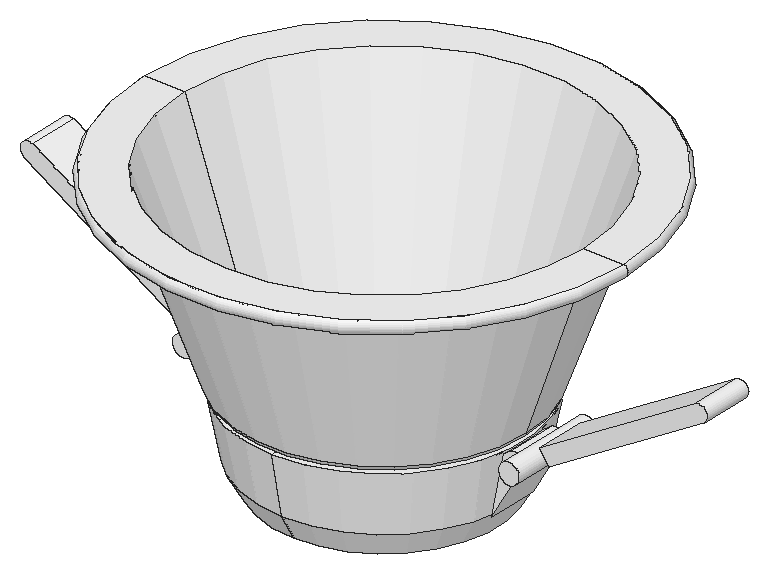
Revit family "Thorn Chalice 3 150", category Lighting Fixtures, host Face, Revit 2018
Family settings
  Host = Face
  Round Connector Dimension = Use Diameter
  Part Type = Normal
  Cut with Voids When Loaded = No
  Light Source = Yes
  Shared = No
  Room Calculation Point = No
Parameters (values of type "CHAL3 150 2000-840 HFIX RMB")
  Width = 172 mm
  Web Link to Docs = "http://www.thornlighting.com/en"
  Wattage Comments = ""
  Wattage = 20.6857 W
  Warrenty = ""
  built-in parameter 1150110 = 1 (stored number, unit not read)
  built-in parameter 1114217 = 1 (stored number, unit not read)
  Tilt Angle = -90.00°
  built-in parameter 1150109 = 1 (stored number, unit not read)
  built-in parameter 1150134 = 12
  built-in parameter 1150113 = 1 (stored number, unit not read)
  Supply Circuit Connections = ""
  Special Considerations = ""
  Spares List = "http://www.thornlighting.com/en/contact-us/offices"
  Sap Code = "92989222"
  Rating = "16.5"
  Power Factor = 0.93
  Placement Type = "Ceiling"
  Photometric Web File = "92989222_(STD).IES"
  Phase Ref = ""
  Omniclass / Uniclass = ""
  No of Sources = 1
  No of Lamps = 1
  Mounting Type = "Recessed"
  Mass = "0.69"
  Manufacturer = "Thorn Lighting"
  built-in parameter 1150105 = 172.84 (stored number, unit not read)
  Lumens = 2172 lm
  built-in parameter 1150115 = 1 (stored number, unit not read)
  built-in parameter 1150137 = (empty or 0)
  built-in parameter 1150139 = (empty or 0)
  Length = 172 mm
  Lamp Type = "LED"
  built-in parameter 1150112 = 1 (stored number, unit not read)
  Lamp Position = "std"
  built-in parameter 1150114 = 1 (stored number, unit not read)
  Lamp = "LED"
  built-in parameter 1150132 = 2
  built-in parameter 1150102 = (empty or 0)
  built-in parameter 1150107 = 4000 (stored number, unit not read)
  built-in parameter 1150138 = (empty or 0)
  built-in parameter 1150106 = 1.7284 (stored number, unit not read)
  IP Rating = "IP20 / IP54"
  IK Rating = "IK09"
  Hz = 50 Hz
  Height = 94 mm
  F Marking = ""
  Emit from Circle Diameter = 100 mm
  Emit Shape Visible in Rendering = no
  built-in parameter 1150104 = 9.7548 (stored number, unit not read)
  Earthing Class = "1"
  Earth Present = yes
  Dimming Lamp Color Temperature Shift = <None>
  Dim Details = "DALI2 standby power 0.2W"
  Default Elevation = 1219.2 mm
  Cost = 0
  Color Filter = 16777215
  Circuit Watts = 16.3 W
  CAD Model Ref Link = "http://www.thornlighting.com/en"
  Body [instance] = Zumtobel_Metal_White
  Batch Ref = ""
  Ballast Type = ""
  built-in parameter 1114218 = 1 (stored number, unit not read)
  built-in parameter 1150133 = 10 (stored number, unit not read)
  Assembly Place = ""
  Aquisition date = ""
  Apparent Load = Circuit Watts / Power Factor  # 17.5269 VA
Types (2, lengths in mm): name | Wattage | Sap Code | Rating | Photometric Web File | built-in parameter 1150105 | Lumens | built-in parameter 1150106 | Circuit Watts | Apparent Load
  CHAL3 150 2000-840 HFIX RMB | 20.6857 W | "92989222" | "16.5" | "92989222_(STD).IES" | 172.84 (stored number, unit not read) | 2172 lm | 1.7284 (stored number, unit not read) | 16.3 W | 17.5269 VA
  CHAL3 150 2000-840 HFIX RSB | 19.4286 W | "92989216" | "16.7" | "92989216_(STD).IES" | 2364.6 (stored number, unit not read) | 2040 lm | 23.646 (stored number, unit not read) | 16.7 W | 17.957 VA
Reference planes
  plane 1 "Centre (Front/Back)": y = 0
  plane 2: z = 0
  plane 3 "Centre (Left/Right)": x = 0
Forms (mm)
  Extrusion 1, void
    sketch origin (0, 0, 0) x (1, 0, 0) y (0, 1, 0)
      loop
        circle (0, 0) r 75
    from 5 to -100
  Revolve 2, solid, material "Zumtobel_Metal_White" <- "Body"
    sketch origin (0, 0, 0) x (1, 0, 0) y (0, 0, 1)
      loop
        line (-70.569, 4.582) -> (-84.846, 4.582)
        arc (-84.846, 4.582) -> (-86, 2.084) -> (-84.203, 0) r 2.541
        line (-84.203, 0) -> (-72.128, 0) -> (-50.528, -60.935)
        arc (-50.528, -60.935) -> (-49.054, -62.731) -> (-46.831, -63.406) r 4.003
        line (-46.831, -63.406) -> (-41.391, -63.406) -> (-41.391, -61.413) -> (-47.176, -61.413) -> (-70.569, 4.582)
      axis (0, 4.582) -> (0, -63.406)
    angle from 0 to 360
  Revolve 3, solid, material "Zumtobel_Metal_White" <- "Body"
    sketch origin (0, 0, 0) x (0, 1, 0) y (0, 0, 1)
      loop
        line (45.247, -85.408) -> (49.522, -63.837) -> (46.945, -63.837)
        arc (46.945, -63.837) -> (44.952, -74.137) -> (42.919, -84.43) r 2761.785
        line (42.919, -84.43) -> (38.641, -91.837) -> (0, -91.837) -> (0, -94.337) -> (40.092, -94.337) -> (45.247, -85.408)
      axis (0, -63.837) -> (0, -94.337)
    angle from 0 to 360
  Extrusion 4, solid, material "Zumtobel_Metal_White" <- "Body"
    sketch origin (0, 0, 0) x (1, 0, 0) y (0, 0, 1)
      loop
        line (-55.86, -67.025) -> (-45.247, -85.408) -> (-49.542, -63.821) -> (-52.376, -61.837) -> (-54.671, -61.837)
        arc (-54.671, -61.837) -> (-54.143, -64.688) -> (-55.86, -67.025) r 3.651
      loop
        arc (55.86, -67.025) -> (54.143, -64.688) -> (54.671, -61.837) r 3.651
        line (54.671, -61.837) -> (52.376, -61.837) -> (49.542, -63.821) -> (45.247, -85.408) -> (55.86, -67.025)
    from -9 to 9
  Extrusion 5, solid, material "Zumtobel_Metal_White" <- "Body"
    sketch origin (0, 0, 0) x (1, 0, 0) y (0, 0, 1)
      loop
        line (-62.366, -57.42) -> (-117.158, -24.348)
        arc (-117.158, -24.348) -> (-121.14, -25.332) -> (-120.156, -29.313) r 2.9
        line (-120.156, -29.313) -> (-65.363, -62.385) -> (-62.366, -57.42)
      loop
        line (62.366, -57.42) -> (65.363, -62.385) -> (120.156, -29.313)
        arc (120.156, -29.313) -> (121.14, -25.332) -> (117.158, -24.348) r 2.9
        line (117.158, -24.348) -> (62.366, -57.42)
    from -9 to 9
  Extrusion 6, solid, material "Zumtobel_Metal_White" <- "Body"
    sketch origin (0, 0, 0) x (1, 0, 0) y (0, 0, 1)
      loop
        arc (-54.119, -64.578) -> (-60.676, -61.756) -> (-55.86, -67.025) r 3.651
        arc (-55.86, -67.025) -> (-54.727, -65.989) -> (-54.119, -64.578) r 3.651
      loop
        arc (55.86, -67.025) -> (60.676, -61.756) -> (54.119, -64.578) r 3.651
        arc (54.119, -64.578) -> (54.727, -65.989) -> (55.86, -67.025) r 3.651
    from -17 to 17
  Revolve 7, void
    sketch origin (0, 0, 0) x (1, 0, 0) y (0, 0, 1)
      loop
        line (0, 0) -> (-72.128, 0) -> (-49.59, -63.581) -> (-45.247, -85.408) -> (-40.092, -94.337) -> (0, -94.337) -> (0, 0)
      axis (0, 0) -> (0, -94.337)
    angle from 0 to 360
Cuts and joins
  joined: Revolve 3, Extrusion 4, Extrusion 6
Dimensions and locks
  aligned and locked: plane 2 to host face
  aligned and locked: level to host face
Connectors
  electrical at (0, 0, 4.582), driven by "Apparent Load", driven by "Power Factor"
    settings: on Revolve 2, index 1, voltage 230 V, apparent load 0 VA, apparent load phase1 17.5269 VA, apparent load phase2 0 VA, apparent load phase3 0 VA, power factor 0.93, load classification "Other", number of poles 1, system type 31, power factor state 1, is connector primary yes, connector utility no, sub classification motor no, connector description ""
